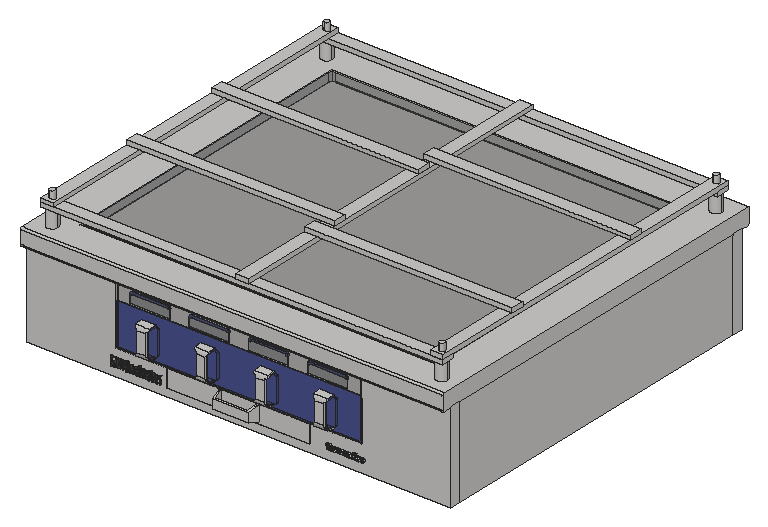
Revit family "QF_ELECTROLUXPROFESSIONAL_589821_MCTCAAJODM", category Specialty Equipment, Revit 2014 (continued)
Definition of nested family "QF_ELECTROLUXPROFESSIONAL_MARINE1000x900_1"
  Parameters (values of type "QF_ELECTROLUXPROFESSIONAL_MARINE1000x900_1")
    Specification by User [instance] = ""
    Specification by Manufacturer = ""
    Serial Number = ""
    Seismic Rating = ""
    SMACNA No = ""
    Revision Code [instance] = ""
    Omniclass Number and Title = ""
    NAFEM Spec ID Number = ""
    Model = "589585"
    Masterspec = ""
    Manufacturer = "ELECTROLUX"
    Item Number [instance] = ""
    Installed By [instance] = ""
    Identify Quantity as Lot [instance] = yes
    Furnished By [instance] = ""
    Foodservice Equipment Identifier [instance] = yes
    Description = "FULL IND+STAT.OVEN,TAP(L)1S,1200X900X700"
    CSI MasterFormat = ""
    CSI Master Format = ""
  Reference planes
    plane 1 "BACK": y = 0
    plane 2: z = 0
    plane 3 "LEFT": x = -100
    plane 4 "RIGHT": x = 900
    plane 5 "FRONT": y = -900
    plane 6 "TOP": z = 900
    plane 7 "Center (Left/Right)": x = 400
    plane 8: y = -450
    plane 9: z = 200
    plane 10: y = -150
    plane 11 "Panel": y = -855
    plane 12: z = 798
    plane 13: z = 975
    plane 14: x = -22
    plane 15: x = 822
    plane 16: y = -150
    plane 17: y = -650
    plane 18 "EIx": x = 855
    plane 19 "EIy": y = -685
    plane 20: y = -880
    plane 21 "TopBase": z = 650
  Forms (mm)
    Extrusion 1, solid, material "QF_Finishes_Stainless Steel"
      sketch origin (0, 0, 940) x (0, 1, 0) y (-1, 0, 0)
        loop
          line (-30, 75) -> (-60, 75) -> (-60, -875) -> (-30, -875) -> (-30, 75)
        loop
          line (-870, 75) -> (-870, -875) -> (-840, -875) -> (-840, 75) -> (-870, 75)
        loop
          circle (-855, 60) r 6.5
        loop
          circle (-855, -860) r 6.5
        loop
          circle (-45, 60) r 6.5
        loop
          circle (-45, -860) r 6.5
      from 0 to 10
    Extrusion 2, solid, material "QF_Finishes_Stainless Steel"
      sketch origin (0, 0, 950) x (0, 1, 0) y (-1, 0, 0)
        loop
          line (-30, 75) -> (-870, 75) -> (-870, 45) -> (-30, 45) -> (-30, 75)
        loop
          line (-30, -875) -> (-30, -845) -> (-870, -845) -> (-870, -875) -> (-30, -875)
        loop
          line (-30, -415) -> (-30, -385) -> (-870, -385) -> (-870, -415) -> (-30, -415)
        loop
          circle (-45, 60) r 6.5
        loop
          circle (-45, -860) r 6.5
        loop
          circle (-855, 60) r 6.5
        loop
          circle (-855, -860) r 6.5
      from 0 to 10
    Extrusion 3, solid, material "QF_Finishes_Stainless Steel"
      sketch origin (0, 0, 960) x (0, 1, 0) y (-1, 0, 0)
        loop
          line (-336, 75) -> (-366, 75) -> (-366, -415) -> (-336, -415) -> (-336, 75)
        loop
          line (-586, 75) -> (-616, 75) -> (-616, -415) -> (-586, -415) -> (-586, 75)
        loop
          line (-286, -385) -> (-316, -385) -> (-316, -875) -> (-286, -875) -> (-286, -385)
        loop
          line (-636, -385) -> (-666, -385) -> (-666, -875) -> (-636, -875) -> (-636, -385)
      from 0 to 10
    Extrusion 4, solid, material "QF_Finishes_Stainless Steel"
      sketch origin (0, -1, 900) x (-1, 0, 0) y (0, -1, 0)
        loop
          circle (60, 44) r 13
        loop
          circle (-860, 44) r 13
        loop
          circle (60, 854) r 13
        loop
          circle (-860, 854) r 13
      from 0 to 40
    Extrusion 5, solid, material "QF_Finishes_Stainless Steel"
      sketch origin (0, -1, 940) x (0, 1, 0) y (-1, 0, 0)
        loop
          circle (-854, 60) r 6.5
        loop
          circle (-854, -860) r 6.5
        loop
          circle (-44, 60) r 6.5
        loop
          circle (-44, -860) r 6.5
      from 0 to 35
  Lines and regions (mm)
    symbolic lines
      curve 1: line (-100, 0, 200) -> (900, 0, 200)
      curve 2: line (-100, -900, 200) -> (-100, 0, 200)
      curve 3: line (900, -900, 200) -> (-100, -900, 200)
      curve 4: line (900, 0, 200) -> (900, -900, 200)
      curve 5: line (-75, -30, 900) -> (-45, -30, 900)
      curve 6: line (-75, -870, 900) -> (-75, -30, 900)
      curve 7: line (-45, -870, 900) -> (-75, -870, 900)
      curve 8: line (-45, -30, 900) -> (-45, -336, 900)
      curve 9: line (875, -30, 900) -> (845, -30, 900)
      curve 10: line (875, -870, 900) -> (875, -30, 900)
      curve 11: line (845, -870, 900) -> (875, -870, 900)
      curve 12: line (845, -30, 900) -> (845, -286, 900)
      curve 13: line (-75, -336, 900) -> (415, -336, 900)
      curve 14: line (-75, -366, 900) -> (415, -366, 900)
      curve 15: line (-75, -586, 900) -> (415, -586, 900)
      curve 16: line (-75, -616, 900) -> (415, -616, 900)
      curve 17: line (385, -286, 900) -> (875, -286, 900)
      curve 18: line (385, -316, 900) -> (875, -316, 900)
      curve 19: line (385, -636, 900) -> (875, -636, 900)
      curve 20: line (385, -666, 900) -> (875, -666, 900)
      curve 21: line (415, -870, 900) -> (415, -666, 900)
      curve 22: line (385, -870, 900) -> (385, -616, 900)
      curve 23: line (415, -636, 900) -> (415, -316, 900)
      curve 24: line (385, -586, 900) -> (385, -366, 900)
      curve 25: line (385, -336, 900) -> (385, -30, 900)
      curve 26: line (415, -286, 900) -> (415, -30, 900)
      curve 27: line (-45, -30, 900) -> (845, -30, 900)
      curve 28: line (-45, -870, 900) -> (845, -870, 900)
      curve 29: line (-45, -840, 900) -> (385, -840, 900)
      curve 30: line (415, -840, 900) -> (845, -840, 900)
      curve 31: line (-45, -60, 900) -> (385, -60, 900)
      curve 32: line (415, -60, 900) -> (845, -60, 900)
      curve 33: line (-45, -366, 900) -> (-45, -586, 900)
      curve 34: line (-45, -616, 900) -> (-45, -870, 900)
      curve 35: line (845, -666, 900) -> (845, -870, 900)
      curve 36: line (845, -316, 900) -> (845, -636, 900)
  Dimensions and locks
    plane 3 "LEFT" to plane 4 "RIGHT" = 1000 mm
    plane 5 "FRONT" to plane 1 "BACK" = 900 mm
    plane 3 "LEFT" to plane 7 "Center (Left/Right)" to plane 4 "RIGHT" = 500 mm, 500 mm
    equal spacing: plane 5 "FRONT", plane 8, plane 1 "BACK"
    plane 6 "TOP" to level = 900 mm  (x2)
    plane 9 to level = 200 mm
    plane 1 "BACK" to plane 10 to plane 11 "Panel" = 150 mm, 705 mm  (x2)
    plane 6 "TOP" to plane 9 to level = 700 mm, 200 mm
    plane 1 "BACK" to plane 5 "FRONT" = 900 mm
    plane 12 to plane 9 = 598 mm
    plane 13 to plane 6 "TOP" = 75 mm
    plane 6 "TOP" to plane 12 = 102 mm
    plane 14 to plane 3 "LEFT" = 78 mm
    plane 15 to plane 4 "RIGHT" = 78 mm
    locked: plane 1 "BACK" to plane 16 at 150
    locked: plane 16 to plane 17 at 500
    plane 11 "Panel" to plane 5 "FRONT" = 45 mm
    plane 18 "EIx" to plane 4 "RIGHT" = 45 mm
    plane 19 "EIy" to plane 1 "BACK" = 685 mm
    locked: plane 11 "Panel" to plane 20 at 25
    aligned and locked: level to plane 2
  Automatic sketch dimensions
    plane 1 "BACK" to curve 1 = 0 mm
    curve 1 to plane 4 "RIGHT" = 0 mm
    curve 3 to plane 3 "LEFT" = 0 mm
    plane 5 "FRONT" to curve 3 = 0 mm
    Extrusion 1 sketch curve to plane 11 "Panel" = 0 mm  (x2)
    Extrusion 1 sketch curve to plane 20 = 10 mm
    plane 11 "Panel" to Extrusion 1 sketch curve = 15 mm
    Extrusion 1 sketch curve to plane 18 "EIx" = 20 mm  (x2)
    plane 1 "BACK" to Extrusion 1 sketch curve = 60 mm
    Extrusion 1 sketch curve to Extrusion 1 sketch curve = 15 mm  (x5)
    Extrusion 1 sketch curve to plane 18 "EIx" = 5 mm  (x2)
    plane 14 to Extrusion 1 sketch curve = 38 mm  (x2)
    Extrusion 2 sketch curve to plane 11 "Panel" = 0 mm  (x2)
    Extrusion 2 sketch curve to plane 20 = 10 mm  (x3)
    Extrusion 2 sketch curve to plane 18 "EIx" = 5 mm  (x2)
    plane 1 "BACK" to Extrusion 2 sketch curve = 45 mm  (x2)
    plane 1 "BACK" to Extrusion 2 sketch curve = 30 mm
    Extrusion 2 sketch curve to Extrusion 2 sketch curve = 15 mm  (x5)
    Extrusion 2 sketch curve to plane 18 "EIx" = 20 mm
    plane 18 "EIx" to Extrusion 2 sketch curve = 10 mm
    plane 7 "Center (Left/Right)" to Extrusion 2 sketch curve = 15 mm
    Extrusion 2 sketch curve to plane 7 "Center (Left/Right)" = 15 mm
    plane 14 to Extrusion 2 sketch curve = 23 mm
    plane 17 to Extrusion 3 sketch curve = 16 mm
    Extrusion 3 sketch curve to plane 17 = 14 mm
    Extrusion 3 sketch curve to plane 17 = 34 mm
    Extrusion 3 sketch curve to Extrusion 3 sketch curve = 30 mm  (x3)
    plane 3 "LEFT" to Extrusion 3 sketch curve = 25 mm  (x2)
    plane 8 to Extrusion 3 sketch curve = 84 mm
    Extrusion 3 sketch curve to plane 7 "Center (Left/Right)" = 15 mm  (x2)
    Extrusion 3 sketch curve to Extrusion 3 sketch curve = 20 mm
    plane 7 "Center (Left/Right)" to Extrusion 3 sketch curve = 15 mm  (x2)
    Extrusion 3 sketch curve to plane 18 "EIx" = 20 mm  (x2)
    Extrusion 4 sketch curve to plane 11 "Panel" = 0 mm  (x2)
    Extrusion 4 sketch curve to plane 18 "EIx" = 5 mm  (x2)
    plane 14 to Extrusion 4 sketch curve = 38 mm  (x2)
    plane 1 "BACK" to Extrusion 4 sketch curve = 45 mm  (x2)
    Extrusion 5 sketch curve to plane 11 "Panel" = 0 mm  (x2)
    Extrusion 5 sketch curve to plane 18 "EIx" = 5 mm  (x2)
    plane 1 "BACK" to Extrusion 5 sketch curve = 45 mm  (x2)
    plane 14 to Extrusion 5 sketch curve = 38 mm  (x2)
    curve 11 to plane 18 "EIx" = 20 mm
    plane 18 "EIx" to curve 9 = 10 mm
    plane 18 "EIx" to curve 35 = 10 mm
    curve 28 to plane 20 = 10 mm
    plane 14 to curve 28 = 23 mm
    plane 14 to curve 27 = 23 mm
    plane 3 "LEFT" to curve 7 = 25 mm
    plane 1 "BACK" to curve 27 = 30 mm
    plane 18 "EIx" to curve 36 = 10 mm
    plane 7 "Center (Left/Right)" to curve 23 = 15 mm
    plane 7 "Center (Left/Right)" to curve 26 = 15 mm
    curve 18 to plane 7 "Center (Left/Right)" = 15 mm
    curve 19 to plane 7 "Center (Left/Right)" = 15 mm
    curve 24 to plane 7 "Center (Left/Right)" = 15 mm
    plane 14 to curve 33 = 23 mm
    plane 8 to curve 8 = 114 mm
    curve 13 to curve 14 = 30 mm
    curve 33 to plane 17 = 64 mm
    curve 19 to plane 17 = 14 mm
    plane 11 "Panel" to curve 30 = 15 mm
    plane 11 "Panel" to curve 29 = 15 mm
    curve 12 to plane 10 = 136 mm
    curve 31 to curve 32 = 0 mm
    curve 22 to curve 19 = 20 mm
    plane 7 "Center (Left/Right)" to curve 21 = 15 mm
    plane 17 to curve 21 = 16 mm
    curve 23 to curve 13 = 20 mm
    curve 9 to curve 32 = 30 mm
    radius of Extrusion 1 sketch curve = 6.5 mm  (x4)
    radius of Extrusion 2 sketch curve = 6.5 mm  (x4)
    radius of Extrusion 4 sketch curve = 13 mm  (x4)
    radius of Extrusion 5 sketch curve = 6.5 mm  (x4)
Definition of nested family "Warm"
  Reference planes
    plane 1 "Center (Front/Back)": y = 0
    plane 2: z = 0
    plane 3 "Center (Left/Right)": x = 0
  Lines and regions (mm)
    detail lines, in view "Ref. Level"
      curve 1: circle (-165.742, 180.331, 0) r 45 normal (0, 0, 1)
      curve 2: line (-165.742, 125.331, 0) -> (-165.742, 80.331, 0)
      curve 3: line (-165.742, 235.331, 0) -> (-165.742, 280.331, 0)
      curve 4: line (-105.742, 180.331, 0) -> (-65.742, 180.331, 0)
      curve 5: line (-220.742, 180.331, 0) -> (-265.742, 180.331, 0)
      curve 6: line (-126.851, 141.44, 0) -> (-95.031, 109.62, 0)
      curve 7: line (-204.632, 219.221, 0) -> (-236.452, 251.041, 0)
      curve 8: line (-126.851, 219.221, 0) -> (-95.031, 251.041, 0)
      curve 9: line (-204.632, 141.44, 0) -> (-236.452, 109.62, 0)
